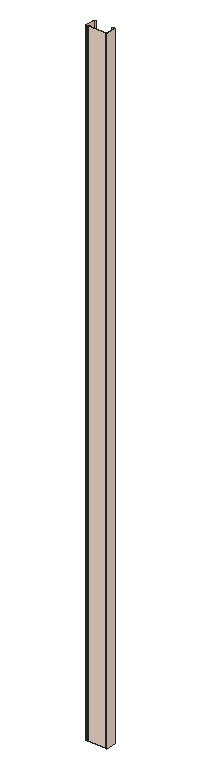
Revit family "WS-100", category 機械設備, Revit 2020
Family settings
  丸型コネクタ寸法 = 直径を使用
  種別 = なし
  パーツ タイプ = 標準
  作業面ベース = いいえ
  常に垂直 = はい
  ロード時にボイドで切り取り = いいえ
  共有 = いいえ
  部屋計算ポイント = いいえ
Parameters
  製造元 = "株式会社桐井製作所"
  既定の高さ = 0 mm
  URL = "https://www.kirii.co.jp/"
  K_長さ(mm) [instance] = 3000 mm
  K_材質 = "SGCCまたはSGHC　一般用"
  K_断面積A(mm2) = 168
  K_断面係数Zy(mm3) = 1581
  K_断面係数Zx(mm3) = 5436
  K_断面2次半径iy(mm) = 16.9
  K_断面2次半径ix(mm) = 40.2
  K_断面2次モーメントIy(mm4) = 47980
  K_断面2次モーメントIx(mm4) = 271800
  K_外形寸法(mm) = "100×45×0.8"
  K_品名 = "WS-100"
  K_名称 = "スタッド"
  K_単位質量(kg/m) = 1.357
  K_ヤング係数E(N/mm2) = 205000
  K_バージョン情報 = "20210524"
  K_めっき付着量 = "Z12"
  K_JIS規格 = "JIS G 3302"
  K_JIS外 [instance] = not(K_JIS)  # no
  K_JIS [instance] = [K_長さ(mm)] < 5001 mm  # yes
Reference planes
  plane 1 "中心(正面/背面)": y = 0
  plane 2: z = 0
  plane 3 "中心(左/右)": x = 0
  plane 4: z = 3000
  plane 5: x = -50
  plane 6: x = 50
  plane 7: y = 45
Forms (mm)
  Extrusion 1, solid
    sketch origin (0, 0, 0) x (0, 1, 0) y (-1, 0, 0)
      loop
        line (0.8, -42.332) -> (1.8, -41.332) -> (1.8, 41.332) -> (0.8, 42.332) -> (0.8, 49.2) -> (44.2, 49.2) -> (44.2, 39.764) -> (40.396, 39.764) -> (40.396, 38.964) -> (45, 38.964) -> (45, 50) -> (0, 50) -> (0, 42) -> (1, 41) -> (1, -41) -> (0, -42) -> (0, -50) -> (45, -50) -> (45, -38.964) -> (40.396, -38.964) -> (40.396, -39.764) -> (44.2, -39.764) -> (44.2, -49.2) -> (0.8, -49.2) -> (0.8, -42.332)
    from 0 to 3000
Dimensions and locks
  "K_長さ(mm)": plane 4 to plane 2
  aligned and locked: level to plane 2
  aligned and locked: plane 4 to Extrusion 1
Automatic sketch dimensions
  Extrusion 1 sketch curve to plane 6 = 0 mm
  Extrusion 1 sketch curve to plane 5 = 0 mm
  plane 6 to Extrusion 1 sketch curve = 8 mm
  Extrusion 1 sketch curve to plane 1 "中心(正面/背面)" = 0 mm  (x2)
  Extrusion 1 sketch curve to plane 3 "中心(左/右)" = 42 mm
  Extrusion 1 sketch curve to Extrusion 1 sketch curve = 0.8 mm  (x5)
  Extrusion 1 sketch curve to Extrusion 1 sketch curve = 0.2 mm
  Extrusion 1 sketch curve to plane 3 "中心(左/右)" = 41.332 mm
  Extrusion 1 sketch curve to plane 1 "中心(正面/背面)" = 40.396 mm  (x2)
  Extrusion 1 sketch curve to plane 1 "中心(正面/背面)" = 44.2 mm  (x2)
  Extrusion 1 sketch curve to plane 1 "中心(正面/背面)" = 45 mm  (x2)
  plane 6 to Extrusion 1 sketch curve = 0.8 mm
  Extrusion 1 sketch curve to Extrusion 1 sketch curve = 0.331 mm  (x4)
  Extrusion 1 sketch curve to Extrusion 1 sketch curve = 1 mm
  Extrusion 1 sketch curve to Extrusion 1 sketch curve = 9.436 mm
  Extrusion 1 sketch curve to plane 3 "中心(左/右)" = 38.964 mm
  Extrusion 1 sketch curve to plane 5 = 0.8 mm
